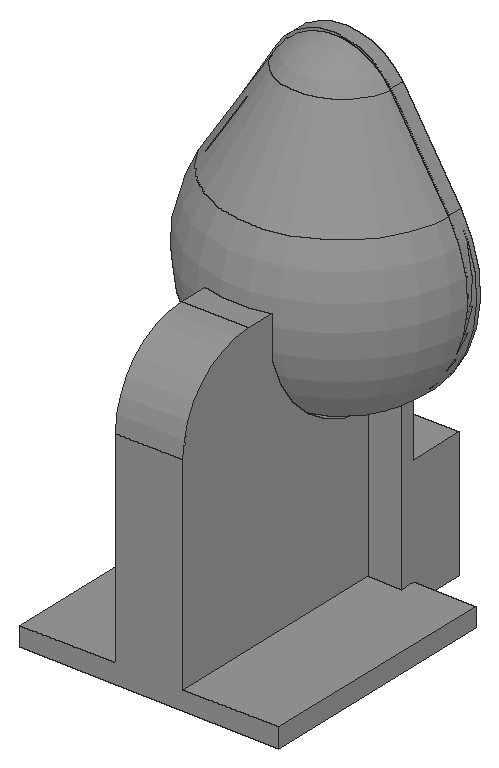
Revit family "Toilet-Willoughby-ETW-1490-CM-BS", category Plumbing Fixtures, Revit 2015
Parameters (values of type "Standard")
  Waste DIA = 2 3/8"
  Waste Connection = yes
  W-RAD [instance] = Waste DIA / 2  # 0' - 1 3/16"
  Vent Connection = no
  URL = "www.willoughby-ind.com"
  Type Comments = ""
  Revision = "A"
  Model = "ETW-1490-CM-BS"
  Manufacturer = "Willoughby Industries"
  HW Connection = no
  Flush inlet DIA = 1 1/2"
  Flush Inlet Connection = yes
  Fixture Body = Stainless Steel AISI 304-Willoughby
  F-RAD [instance] = Flush inlet DIA / 2  # 0' - 0 3/4"
  Description = "Carrier Mounted Blowout Toilet, Back spud"
  Default Elevation = 0' - 0"
  Contact Number = "(800) 428-4065"
  CW Connection = no
Reference planes (in)
  plane 1 "Base": y = -16.25
  plane 2: z = 0
  plane 3 "Center": x = 18.31072
  plane 4 "Waste height": y = -4.75
  plane 5 "Seat HGT": y = -1.25
  plane 6: z = -6.75
  plane 7: y = -2.125
  plane 8 "Unit HGT Off Floor": y = -14.0625
  plane 9 "Flush Inlet HGT": y = 0.5
  plane 10: x = 16.56072
  plane 11: x = 20.06072
  plane 12: x = 11.56072
  plane 13: x = 25.06072
Forms (in)
  Extrusion 1, solid, material "Stainless Steel AISI 304-Willoughby" <- "Fixture Body"
    sketch origin (16.08109, 7.47968, -7.1422) x (-1, 0, 0) y (0, 0, -1)
      loop
        line (1.29775, -16.80087) -> (1.29775, -7.1422) -> (-5.72963, -7.1422) -> (-5.72963, -16.81676)
        arc (-5.72963, -16.81676) -> (-8.98136, -21.11843) -> (-8.21015, -26.45542) r 7
        line (-8.21015, -26.45542) -> (-5.16818, -31.31054)
        arc (-5.16818, -31.31054) -> (-2.20225, -32.95225) -> (0.76368, -31.31054) r 3.5
        line (0.76368, -31.31054) -> (3.80565, -26.45542)
        arc (3.80565, -26.45542) -> (4.5729, -21.10311) -> (1.29775, -16.80087) r 7
      loop
        arc (2.03989, -24.70557) -> (-2.20225, -18.23804) -> (-6.44438, -24.70557) r 4.625
        line (-6.44438, -24.70557) -> (-4.04125, -30.23842)
        arc (-4.04125, -30.23842) -> (-2.20225, -31.45225) -> (-0.36324, -30.23842) r 2
        line (-0.36324, -30.23842) -> (2.03989, -24.70557)
    from 8.72968 to 9.5
  Revolve 2, solid, material "Stainless Steel AISI 304-Willoughby" <- "Fixture Body"
    sketch origin (19.37246, -1.52032, -3.93826) x (-1, 0, 0) y (0, 0, -1)
      loop
        line (1.06174, -12.59906) -> (1.06174, -12.84906)
        arc (1.06174, -12.84906) -> (6.96784, -16.33096) -> (6.78077, -23.18447) r 6.75
        line (6.78077, -23.18447) -> (3.81535, -27.91457)
        arc (3.81535, -27.91457) -> (2.63527, -29.03194) -> (1.06174, -29.43826) r 3.25
        line (1.06174, -29.43826) -> (1.06174, -29.68826)
        arc (1.06174, -29.68826) -> (2.75672, -29.25045) -> (4.02767, -28.04656) r 3.5
        line (4.02767, -28.04656) -> (7.06964, -23.19143)
        arc (7.06964, -23.19143) -> (7.15052, -16.14555) -> (1.06174, -12.59906) r 7
      axis (1.06174, -12.59906) -> (1.06174, -29.68826)
    angle from 0 to -180
  Extrusion 3, solid, material "Stainless Steel AISI 304-Willoughby" <- "Fixture Body"
    sketch origin (19.53334, -3.02032, -4.9508) x (0, 1, 0) y (0, 0, 1)
      loop
        line (-5.27082, 4.9508) -> (1, 4.9508) -> (1, 13.76086)
        arc (1, 13.76086) -> (-2.93256, 15.26109) -> (-5.27082, 18.76086) r 6.92744
        line (-5.27082, 18.76086) -> (-5.27082, 4.9508)
    from 0.52738 to -2.97262
  Extrusion 4, solid, material "Stainless Steel AISI 304-Willoughby" <- "Fixture Body"
    sketch origin (17.03334, 24.08792, -4.30581) x (0, 1, 0) y (0, 0, 1)
      loop
        line (-32.37906, 4.30581) -> (-32.37906, 20.30581) -> (-33.87467, 20.30581)
        arc (-33.87467, 20.30581) -> (-36.89808, 19.05347) -> (-38.15042, 16.03006) r 4.27575
        line (-38.15042, 16.03006) -> (-38.15042, 4.30581) -> (-32.37906, 4.30581)
    from -0.47262 to 3.02738
  Extrusion 5, solid, material "Stainless Steel AISI 304-Willoughby" <- "Fixture Body"
    sketch origin (0, 14.59309, 0) x (1, 0, 0) y (0, 1, 0)
      loop
        circle (18.31072, -19.34309) r 1.1875
    from 5.5 to 0
  Extrusion 6, solid, material "Stainless Steel AISI 304-Willoughby" <- "Fixture Body"
    sketch origin (18.31072, 0, 0) x (0, 1, 0) y (0, 0, 1)
      loop
        line (-1.25, 0) -> (1.75, 0) -> (1.75, 6.6875) -> (-1.25, 6.6875) -> (-1.25, 0)
    from -3.52738 to 3.5
  Extrusion 7, solid, material "Stainless Steel AISI 304-Willoughby" <- "Fixture Body"
    sketch origin (0, 0, 0) x (1, 0, 0) y (0, 1, 0)
      loop
        circle (18.31072, 0.5) r 0.75
    from 0 to 1
  Extrusion 8, solid, material "Stainless Steel AISI 304-Willoughby" <- "Fixture Body"
    sketch origin (0, -16.25, 0) x (1, 0, 0) y (0, 0, 1)
      loop
        line (25.06072, 0) -> (25.06072, 1) -> (11.56072, 1) -> (11.56072, 0) -> (25.06072, 0)
    from -15 to -2.1875
Cuts and joins
  joined: Extrusion 1, Extrusion 3, Extrusion 4, Extrusion 6, Extrusion 8
Lines and regions (in)
  model lines, detail levels coarse+medium
    curve 1: line (25.06072, -16.25, 0) -> (25.06072, -16.25, 1)
  symbolic lines
    curve 2: line (25.06072, -14.0625, 0) -> (11.56072, -14.0625, 0)
    curve 3: line (11.56072, -14.0625, 0) -> (11.56072, -1.25, 0)
    curve 4: line (11.56072, -1.25, 0) -> (25.06072, -1.25, 0)
    curve 5: line (25.06072, -1.25, 0) -> (25.06072, -14.0625, 0)
    curve 6: line (11.28334, -2.02032, 0) -> (11.28334, -1.25, 0)
    curve 7: line (11.28334, -1.25, 0) -> (25.28334, -1.25, 0)
    curve 8: line (25.28334, -1.25, 0) -> (25.28334, -2.02032, 0)
    curve 9: arc (25.28334, -2.02032, 0) -> (23.0845, -6.65053, 0) -> (18.31072, -8.51727, 0) r 6.95592
    curve 10: arc (18.31072, -8.51727, 0) -> (13.53404, -6.6349, 0) -> (11.28334, -2.02032, 0) r 7.0842
    curve 11: line (14.78334, -1.25, 0) -> (14.78334, 1.75, 0)
    curve 12: line (14.78334, 1.75, 0) -> (21.81072, 1.75, 0)
    curve 13: line (21.81072, 1.75, 0) -> (21.81072, -1.25, 0)
    curve 14: line (20.06072, -8.30181, 0) -> (20.06072, -14.0625, 0)
    curve 15: line (16.56072, -8.28944, 0) -> (16.56072, -14.0625, 0)
    curve 16: line (11.56072, -16.25, 0) -> (25.06072, -16.25, 0)
    curve 17: line (25.06072, -16.25, 1) -> (21.81072, -16.25, 1)
    curve 18: line (21.81072, -16.25, 1) -> (21.81072, -16.25, 9.67456)
    curve 19: line (11.56072, -16.25, 0) -> (11.56072, -16.25, 1)
    curve 20: line (11.56072, -16.25, 1) -> (14.78334, -16.25, 1)
    curve 21: line (14.78334, -16.25, 1) -> (14.78334, -16.25, 9.65867)
    curve 23: arc (21.81072, -16.25, 9.67456) -> (25.08997, -16.25, 13.96915) -> (24.29124, -16.25, 19.31322) r 6.93374
    curve 24: line (24.29124, -16.25, 19.31322) -> (21.24927, -16.25, 24.16835)
    curve 25: arc (21.24927, -16.25, 24.16835) -> (19.97832, -16.25, 25.37224) -> (18.28334, -16.25, 25.81005) r 3.5
    curve 26: arc (18.28334, -16.25, 25.81005) -> (16.58835, -16.25, 25.37224) -> (15.31741, -16.25, 24.16835) r 3.5
    curve 27: line (15.31741, -16.25, 24.16835) -> (12.35249, -16.25, 19.43905)
    curve 28: arc (12.35249, -16.25, 19.43905) -> (11.49002, -16.25, 14.03241) -> (14.78334, -16.25, 9.65867) r 7
    curve 34: line (18.31072, -14.0625, 0) -> (18.31072, 1.75, 0)
    curve 35: line (18.31072, 1.75, 0) -> (18.31072, 1.75, 6.6875)
    curve 36: line (18.31072, 1.75, 6.6875) -> (18.31072, -1.25, 6.6875)
    curve 37: line (18.31072, -1.25, 6.6875) -> (18.31072, -1.25, 25.81005)
    curve 38: line (18.31072, -1.25, 25.81005) -> (18.31072, -2.02032, 25.81005)
    curve 39: arc (18.31072, -2.02032, 25.81005) -> (18.31072, -3.2711, 25.30166) -> (18.31072, -4.27634, 24.40034) r 3.93423
    curve 40: line (18.31072, -4.27634, 24.40034) -> (18.31072, -7.52822, 19.25317)
    curve 41: arc (18.31072, -7.52822, 19.25317) -> (18.31072, -8.20736, 17.68218) -> (18.31072, -8.52281, 16) r 7.7025
    curve 42: line (18.31072, -8.29114, 16) -> (18.31072, -9.78675, 16)
    curve 43: arc (18.31072, -9.78675, 16) -> (18.31072, -12.81016, 14.74766) -> (18.31072, -14.0625, 11.72425) r 4.27575
    curve 44: line (18.31072, -14.0625, 11.72425) -> (18.31072, -14.0625, 0)
    curve 45: line (18.31072, -14.0625, 1) -> (18.31072, -2.02032, 1)
    curve 46: line (18.31072, -2.02032, 1) -> (18.31072, -2.02032, 9.65867)
    curve 47: line (18.31072, -2.02032, 9.65867) -> (18.31072, -1.25, 9.65867)
    curve 48: arc (18.31072, -2.02032, 8.81005) -> (18.31072, -5.95289, 10.31029) -> (18.31072, -8.29114, 13.81005) r 6.92744
    curve 49: arc (18.31072, -8.29114, 13.81005) -> (18.31072, -8.3583, 14.90503) -> (18.31072, -8.29114, 16) r 8.95891
    curve 50: line (25.06072, -16.25, 0) -> (25.06072, -16.25, 1)
  symbolic lines, detail levels medium+fine
    curve 22: line (14.78334, -16.25, 6.6875) -> (21.81072, -16.25, 6.6875)
  symbolic lines, detail levels fine
    curve 29: arc (20.12234, -16.25, 23.09622) -> (19.38508, -16.25, 23.97923) -> (18.28334, -16.25, 24.31005) r 2
    curve 30: arc (18.28334, -16.25, 24.31005) -> (17.1816, -16.25, 23.97923) -> (16.44433, -16.25, 23.09622) r 2
    curve 31: line (16.44433, -16.25, 23.09622) -> (14.0412, -16.25, 17.56337)
    curve 32: line (20.12234, -16.25, 23.09622) -> (22.52547, -16.25, 17.56337)
    curve 33: arc (22.52547, -16.25, 17.56337) -> (18.28334, -16.25, 11.09585) -> (14.0412, -16.25, 17.56337) r 4.625
Dimensions and locks (in)
  plane 1 "Base" to plane 4 "Waste height" = 0' - 11 1/2"
  plane 1 "Base" to plane 5 "Seat HGT" = 1' - 3"
  plane 1 "Base" to plane 9 "Flush Inlet HGT" = 1' - 4 3/4"
  plane 12 to plane 13 = 1' - 1 1/2"
  locked: plane 12 to plane 3 "Center" at 6.75
  plane 1 "Base" to plane 8 "Unit HGT Off Floor" = 0' - 2 3/16"
  "W-RAD": radius of Extrusion 5 sketch curve
  "F-RAD": radius of Extrusion 7 sketch curve
  aligned and locked: plane 3 "Center" to Extrusion 5 sketch curve
  aligned and locked: plane 4 "Waste height" to Extrusion 5 sketch curve
  aligned and locked: plane 9 "Flush Inlet HGT" to Extrusion 7 sketch curve
  aligned and locked: plane 3 "Center" to Extrusion 7 sketch curve
  aligned and locked: plane 13 to cut or joined group of Extrusion 1, Extrusion 3, Extrusion 4, Extrusion 6, Extrusion 8
  aligned and locked: cut or joined group of Extrusion 1, Extrusion 3, Extrusion 4, Extrusion 6, Extrusion 8 to plane 12
  aligned and locked: cut or joined group of Extrusion 1, Extrusion 3, Extrusion 4, Extrusion 6, Extrusion 8 to cut or joined group of Extrusion 1, Extrusion 3, Extrusion 4, Extrusion 6, Extrusion 8  (x2)
  aligned and locked: curve 1 to cut or joined group of Extrusion 1, Extrusion 3, Extrusion 4, Extrusion 6, Extrusion 8
Automatic sketch dimensions
  Extrusion 1 sketch curve to Extrusion 1 sketch curve = 0' - 0"  (x8)
  Extrusion 1 sketch curve to level = 0' - 0"
  plane 3 "Center" to Extrusion 1 sketch curve = 0' - 5.98052"
  Extrusion 1 sketch curve to Extrusion 1 sketch curve = 0' - 1.76576"  (x2)
  plane 3 "Center" to Extrusion 1 sketch curve = 0' - 3 1/2"
  plane 3 "Center" to Extrusion 1 sketch curve = 0' - 2.93855"
  Extrusion 1 sketch curve to Extrusion 1 sketch curve = 0' - 1.12693"  (x2)
  Extrusion 1 sketch curve to plane 3 "Center" = 0' - 0.02738"  (x2)
  Extrusion 1 sketch curve to plane 3 "Center" = 0' - 1.86639"
  Extrusion 1 sketch curve to plane 3 "Center" = 0' - 3.52738"
  Extrusion 1 sketch curve to plane 3 "Center" = 0' - 4 69/256"
  Extrusion 1 sketch curve to Extrusion 1 sketch curve = 0' - 9.65867"
  Extrusion 1 sketch curve to Extrusion 1 sketch curve = 0' - 0.01589"
  Extrusion 1 sketch curve to Extrusion 1 sketch curve = 0' - 6.06218"
  Extrusion 1 sketch curve to Extrusion 1 sketch curve = 0' - 1.74985"
  Extrusion 1 sketch curve to Extrusion 1 sketch curve = 0' - 4.74668"
  Extrusion 1 sketch curve to Extrusion 1 sketch curve = 0' - 0.78617"
  Extrusion 1 sketch curve to Extrusion 1 sketch curve = 0' - 1.07212"
  Revolve 2 sketch curve to Revolve 2 sketch curve = 0' - 0"  (x2)
  Revolve 2 sketch curve to plane 3 "Center" = 0' - 0"  (x3)
  plane 3 "Center" to Revolve 2 sketch curve = 0' - 0"
  Revolve 2 sketch curve to plane 3 "Center" = 0' - 2.75361"
  Revolve 2 sketch curve to Revolve 2 sketch curve = 0' - 0.21232"
  Revolve 2 sketch curve to Revolve 2 sketch curve = 0' - 2.96542"
  Revolve 2 sketch curve to Revolve 2 sketch curve = 0' - 0.28887"
  level to Revolve 2 sketch curve = 2' - 1 3/4"
  Revolve 2 sketch curve to Revolve 2 sketch curve = 0' - 0 1/4"
  Revolve 2 sketch curve to Revolve 2 sketch curve = 0' - 1.3917"
  Revolve 2 sketch curve to Revolve 2 sketch curve = 0' - 0.13199"
  Revolve 2 sketch curve to Revolve 2 sketch curve = 0' - 4.85513"
  Revolve 2 sketch curve to Revolve 2 sketch curve = 0' - 0.00696"
  Revolve 2 sketch curve to Revolve 2 sketch curve = 0' - 3 1/4"
  Revolve 2 sketch curve to Revolve 2 sketch curve = 0' - 3.3392"
  Revolve 2 sketch curve to Revolve 2 sketch curve = 0' - 2.4108"
  Extrusion 3 sketch curve to level = 0' - 0"
  plane 4 "Waste height" to Extrusion 3 sketch curve = 0' - 3.54114"
  plane 7 to Extrusion 3 sketch curve = 0' - 0.10468"
  plane 5 "Seat HGT" to Extrusion 3 sketch curve = 0' - 0.38413"
  Extrusion 3 sketch curve to Extrusion 3 sketch curve = 0' - 8.81005"
  Extrusion 3 sketch curve to Extrusion 3 sketch curve = 0' - 5"
  Extrusion 4 sketch curve to plane 8 "Unit HGT Off Floor" = 0' - 0"
  Extrusion 4 sketch curve to level = 0' - 0"
  Extrusion 4 sketch curve to plane 8 "Unit HGT Off Floor" = 0' - 4.27575"
  Extrusion 4 sketch curve to Extrusion 4 sketch curve = 0' - 1.49561"
  Extrusion 4 sketch curve to Extrusion 4 sketch curve = 0' - 11.72425"
  Extrusion 6 sketch curve to level = 0' - 0"
  Extrusion 6 sketch curve to plane 5 "Seat HGT" = 0' - 0"
  Extrusion 6 sketch curve to plane 9 "Flush Inlet HGT" = 0' - 1 1/4"
  level to Extrusion 6 sketch curve = 0' - 6 11/16"
  Extrusion 8 sketch curve to plane 12 = 0' - 0"
  Extrusion 8 sketch curve to plane 13 = 0' - 0"
  Extrusion 8 sketch curve to level = 0' - 0"
  level to Extrusion 8 sketch curve = 0' - 1"
  plane 5 "Seat HGT" to curve 6 = 0' - 0"
  plane 5 "Seat HGT" to curve 4 = 0' - 0"
  curve 4 to plane 12 = 0' - 0"
  curve 15 to plane 10 = 0' - 0"
  curve 9 to plane 3 "Center" = 0' - 0"
  curve 10 to plane 3 "Center" = 0' - 0"
  curve 14 to plane 11 = 0' - 0"
  curve 4 to plane 13 = 0' - 0"
  plane 8 "Unit HGT Off Floor" to curve 15 = 0' - 0"
  plane 7 to curve 6 = 0' - 0.10468"
  curve 11 to plane 10 = 0' - 1.77738"
  plane 3 "Center" to curve 9 = 0' - 0.03185"
  plane 3 "Center" to curve 10 = 0' - 0.03244"
  plane 11 to curve 13 = 0' - 1 3/4"
  curve 4 to curve 8 = 0' - 0.22262"
  plane 7 to curve 8 = 0' - 0.10468"
  curve 12 to plane 9 "Flush Inlet HGT" = 0' - 1 1/4"
  curve 10 to curve 15 = 0' - 0.22783"
  curve 34 to level = 0' - 0"
  curve 34 to plane 8 "Unit HGT Off Floor" = 0' - 0"
  curve 36 to plane 5 "Seat HGT" = 0' - 0"
  curve 42 to plane 8 "Unit HGT Off Floor" = 0' - 4.27575"
  plane 4 "Waste height" to curve 40 = 0' - 2.77822"
  curve 40 to plane 4 "Waste height" = 0' - 0.47366"
  plane 7 to curve 38 = 0' - 0.10468"
  plane 7 to curve 47 = 0' - 0.10468"
  plane 5 "Seat HGT" to curve 48 = 0' - 0.38413"
  curve 39 to plane 5 "Seat HGT" = 0' - 0.06372"
  curve 41 to plane 5 "Seat HGT" = 0' - 0.40858"
  curve 49 to plane 9 "Flush Inlet HGT" = 0' - 0.10061"
  curve 35 to plane 9 "Flush Inlet HGT" = 0' - 1 1/4"
  level to curve 46 = 0' - 1"
  level to curve 35 = 0' - 6 11/16"
  curve 36 to curve 47 = 0' - 2.97117"
  curve 46 to curve 43 = 0' - 2.06558"
  curve 49 to curve 41 = 0' - 0.52516"
  curve 41 to curve 48 = 0' - 0.29653"
  curve 42 to curve 40 = 0' - 3.25317"
  curve 48 to curve 39 = 0' - 6.23853"
  curve 39 to curve 40 = 0' - 2.43509"
  curve 41 to curve 42 = 0' - 0.23168"
  curve 49 to curve 42 = 0' - 0"
  curve 48 to curve 46 = 0' - 0.84862"
  curve 25 to curve 26 = 0' - 0"
  curve 26 to curve 29 = 0' - 0"  (x2)
  curve 28 to curve 33 = 0' - 0"  (x2)
  curve 29 to curve 30 = 0' - 0"
  curve 19 to plane 12 = 0' - 0"
  curve 50 to level = 0' - 0"
  plane 12 to curve 27 = 0' - 0.79177"
  plane 12 to curve 31 = 0' - 2 123/256"
  curve 21 to plane 10 = 0' - 1.77738"
  curve 27 to plane 10 = 0' - 1.24331"
  curve 31 to plane 10 = 0' - 0.11639"
  curve 29 to plane 3 "Center" = 0' - 0.02738"
  curve 28 to plane 3 "Center" = 0' - 0.02738"
  plane 3 "Center" to curve 23 = 0' - 0.06431"
  plane 11 to curve 32 = 0' - 0.06162"
  plane 11 to curve 24 = 0' - 1.18855"
  plane 11 to curve 17 = 0' - 1 3/4"
  plane 11 to curve 32 = 0' - 2.46475"
  curve 24 to plane 13 = 0' - 0.76948"
  level to curve 18 = 0' - 1"
  level to curve 19 = 0' - 1"
  curve 20 to curve 21 = 0' - 8.65867"
  curve 21 to curve 18 = 0' - 0.01589"
  curve 18 to curve 23 = 0' - 6.02269"
  curve 23 to curve 33 = 0' - 0.0236"
  curve 32 to curve 24 = 0' - 1.74985"
  curve 32 to curve 29 = 0' - 4.74668"
  curve 25 to curve 32 = 0' - 0.78617"
  curve 29 to curve 24 = 0' - 1.07212"
  curve 22 to curve 18 = 0' - 2.98706"
Connectors (in)
  piping at (18.31072, -4.75, 0), diameter 2.375, driven by "W-RAD", driven by "Waste Connection"
    settings: on Extrusion 5, index 1, connector inside diameter 2 1/2", connector length 0' - 0", flow factor 0, pipe flow 0 GPM, pressure drop 0.00 psi, fitting loss kfactor 0, connector angle 0.00°, fixture units 0, engagement length 0' - 0", angle of deflection 0.00°, flow configuration 0, flow direction 2, fitting loss method 0, system type 16, joint type 0, gender type 0, connector reference index -1, connector utility 1, adjustable connector no, is connector primary yes, connector description "Toilet Waste"
  piping at (18.31072, 0.5, 1), diameter 1.5, driven by "F-RAD", driven by "Flush Inlet Connection"
    settings: on Extrusion 7, index 2, connector inside diameter 1 1/2", connector length 0' - 0", flow factor 0, pipe flow 0 GPM, pressure drop 0.00 psi, fitting loss kfactor 0, connector angle 0.00°, fixture units 0, engagement length 0' - 0", angle of deflection 0.00°, flow configuration 0, flow direction 1, fitting loss method 0, system type 20, joint type 0, gender type 0, connector reference index -1, connector utility 1, adjustable connector no, is connector primary no, connector description "Flush Inlet"
